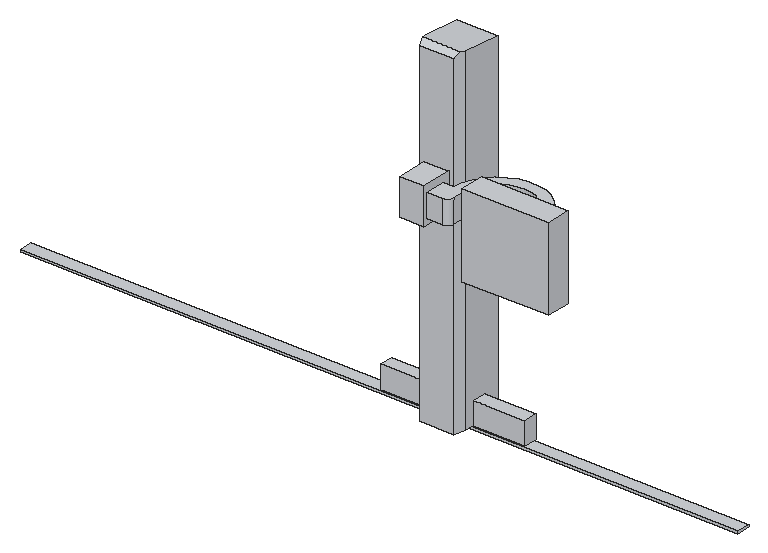
Revit family "Sample_Family_Five", category Specialty Equipment, Revit 2022
Family settings
  Round Connector Dimension = Use Diameter
  Part Type = Normal
  OmniClass Number = 23.40.70.11.14.11
  OmniClass Title = Medical Equipment
  Work Plane-Based = No
  Always vertical = Yes
  Cut with Voids When Loaded = No
  Maintain Annotation Orientation = No
  Shared = No
  Room Calculation Point = No
Parameters (values of type "MMMI-283")
  WIDTH_BVN = 0 mm
  UniqueID = "5716"
  Socket_Offset [instance] = 71.623 mm
  Responsibility = "AR"
  Mounting_Height_Socket [instance] = 600 mm
  ModifiedIssue = ""
  Model = "Siemens Ysio Max"
  MOUNTING_HEIGHT_US_BVN = 0 mm
  MOUNTING_HEIGHT_TOP_BVN = 0 mm
  MOUNTING_HEIGHT_CENTRE_BVN = 0 mm
  Keynote = "MMMI-283"
  ItemGroup = "2"
  ItemDescription = "IMG: bucky, chest"
  ItemCode = "MMMI-283"
  HEIGHT_BVN = 2380 mm
  Floor Rail Length_Right [instance] = 1988 mm
  Floor Rail Length_Left [instance] = 2992 mm
  DetailedCategory = ""
  Description = ""
  Default Elevation = 0 mm
  DEPTH_BVN = 0 mm
  Copyright = "BVN"  # constant formula
  Author = "BVN"  # constant formula
  Assembly Code = "MMMI-283"
Reference planes
  plane 1 "Center (Front/Back)": y = 0
  plane 2: z = 0
  plane 3 "Center (Left/Right)": x = 0
  plane 4: y = 171.802
  plane 5: z = 2380
  plane 6: y = -518.198
  plane 7 "Top of Floor Rail": z = 16
  plane 8: z = 175
  plane 9: x = -500
  plane 10: x = 500
  plane 11 "Centreline Floor Rail": y = -8.198
  plane 12 "Wall": y = 221.802
  plane 13: y = 50.802
  plane 14: y = -39.198
  plane 15 "Floor Rail 2": y = -53.198
  plane 16 "Floor Rail 1": y = 36.802
  plane 17: x = -2992
  plane 18: x = 1988
  plane 19: x = 745
  plane 20: x = 1045
  plane 21: x = 445
  plane 22: y = -350.198
  plane 23: y = -183.198
  plane 24: z = 1230
  plane 25: z = 1805
  plane 26: y = -398.198
  plane 27: x = -85
  plane 28: x = 85
  plane 29: z = 1517.5
  plane 30: z = 1642.5
  plane 31: z = 1392.5
  plane 32: z = 1597.5
  plane 33: z = 1437.5
  plane 34 "bucky_foldedOut_end": y = -1393.198
  plane 35 "bucky_foldedOut_end_2": y = -793.198
  plane 36 "bucky_foldedOut_end_3": y = -683.198
  plane 37 "bucky_foldedOut_end_4": x = -2842
  plane 38 "bucky_foldedOut_end_5": x = -2732
  plane 39: x = -2902
Forms (mm)
  Revolve 1, solid
    sketch origin (0, 0, 0) x (0, 1, 0) y (0, 0, 1)
      loop
        line (-61.109, 1642.94) -> (-61.109, 1759.681) -> (-85.689, 1759.681) -> (-85.689, 1642.94) -> (-61.109, 1642.94)
      axis (-85.689, 1759.681) -> (-85.689, 1642.94)
    angle from 0 to 360
  Extrusion 2, solid
    sketch origin (0, 0, 0) x (0, 1, 0) y (0, 0, 1)
      loop
        line (-350.198, 1230) -> (-350.198, 1805) -> (-518.198, 1805) -> (-518.198, 1230) -> (-350.198, 1230)
    from 445 to 1045
  Extrusion 3, solid
    sketch origin (0, 0, 0) x (1, 0, 0) y (0, 1, 0)
      loop
        line (-140.183, 171.802) -> (-140.183, -104.778) -> (-118.999, -183.198) -> (118.656, -183.198) -> (139.782, -103.691) -> (139.782, 171.802) -> (-140.183, 171.802)
    from 16 to 2380
  Extrusion 4, void
    sketch origin (0, 0, 0) x (0, 1, 0) y (0, 0, 1)
      loop
        line (-183.198, 2350.829) -> (-134.58, 2380) -> (171.802, 2345.658) -> (171.802, 2409.402) -> (-183.198, 2409.402) -> (-183.198, 2350.829)
    from -233.326 to 250
  Extrusion 5, void
    sketch origin (0, 0, 0) x (1, 0, 0) y (0, 0, 1)
      loop
        line (69.549, 20) -> (69.549, 2355) -> (-69.549, 2355) -> (-69.549, 20) -> (69.549, 20)
    from 96.584 to 100.424
  Extrusion 6, solid
    sketch origin (0, 0, 0) x (1, 0, 0) y (0, 1, 0)
      loop
        line (-500, 50.802) -> (-500, -39.198) -> (500, -39.198) -> (500, 50.802) -> (-500, 50.802)
    from 16 to 175
  Extrusion 7, solid
    sketch origin (0, 0, 0) x (1, 0, 0) y (0, 1, 0)
      loop
        line (-2992, 36.802) -> (-2992, -53.198) -> (1988, -53.198) -> (1988, 36.802) -> (-2992, 36.802)
    from 0 to 16
  Extrusion 8, solid
    sketch origin (0, 0, 0) x (1, 0, 0) y (0, 1, 0)
      loop
        line (-85, -183.198) -> (-85, -398.198) -> (85, -398.198) -> (85, -183.198) -> (-85, -183.198)
    from 1392.5 to 1642.5
  Extrusion 9, solid
    sketch origin (0, 0, 0) x (1, 0, 0) y (0, 1, 0)
      loop
        arc (245, -250.198) -> (475, -20.198) -> (705, -250.198) r 230
        line (705, -250.198) -> (705, -350.198) -> (785, -350.198) -> (785, -250.198)
        arc (785, -250.198) -> (480.001, 59.762) -> (165.161, -240.198) r 310
        line (165.161, -240.198) -> (85, -240.198) -> (85, -380.198) -> (200, -380.198)
        arc (200, -380.198) -> (231.82, -367.017) -> (245, -335.198) r 45
        line (245, -335.198) -> (245, -250.198)
    from 1437.5 to 1597.5
Cuts and joins
  Extrusion 4, Extrusion 5 cuts Extrusion 3
Lines and regions (mm)
  reference lines
    curve 1: line (0, -108.458, 1274.274) -> (0, -108.458, 1249.161)
    curve 2: line (0, -108.458, 1759.681) -> (0, -108.458, 1734.673)
    curve 3: arc (0, -108.458, 1747.177) -> (0, 78.976, 1504.447) -> (0, -108.458, 1261.718) r 250.886
  symbolic lines, style "Clinical Equipment"
    curve 4: line (-2992, -53.198, 0) -> (-2992, -1393.198, 0)
    curve 5: line (-2992, -1393.198, 0) -> (-2732, -1393.198, 0)
    curve 6: line (-2732, -1393.198, 0) -> (-2732, -793.198, 0)
    curve 7: line (-2732, -793.198, 0) -> (-2842, -793.198, 0)
    curve 8: line (-2842, -683.198, 0) -> (-2842, -53.198, 0)
    curve 9: line (-2842, -53.198, 0) -> (-2992, -53.198, 0)
    curve 10: line (-2842, -683.198, 0) -> (-2902, -683.198, 0)
    curve 11: line (-2902, -683.198, 0) -> (-2902, -793.198, 0)
    curve 12: line (-2902, -793.198, 0) -> (-2842, -793.198, 0)
Dimensions and locks
  "HEIGHT_BVN": plane 5 to plane 2
  plane 4 to plane 6 = 690 mm
  locked: plane 7 "Top of Floor Rail" to plane 2 at 16
  locked: plane 8 to plane 7 "Top of Floor Rail" at 159
  plane 10 to plane 3 "Center (Left/Right)" to plane 9 = 500 mm locked, 500 mm locked
  locked: plane 12 "Wall" to plane 11 "Centreline Floor Rail" at 230
  locked: plane 12 "Wall" to plane 4 at 50
  locked: plane 12 "Wall" to plane 13 at 171
  locked: plane 13 to plane 14 at 90
  plane 16 "Floor Rail 1" to plane 11 "Centreline Floor Rail" to plane 15 "Floor Rail 2" = 45 mm locked, 45 mm locked
  "Floor Rail Length_Left": plane 17 to plane 3 "Center (Left/Right)"
  "Floor Rail Length_Right": plane 3 "Center (Left/Right)" to plane 18
  locked: plane 3 "Center (Left/Right)" to plane 19 at 745
  plane 21 to plane 19 to plane 20 = 300 mm locked, 300 mm locked
  locked: plane 22 to plane 6 at 168
  plane 12 "Wall" to plane 23 = 405 mm
  plane 24 to level = 1230 mm
  plane 25 to plane 24 = 575 mm
  plane 23 to plane 26 = 215 mm
  locked: plane 3 "Center (Left/Right)" to plane 28 at 85
  locked: plane 27 to plane 3 "Center (Left/Right)" at 85
  plane 29 to plane 33 = 80 mm
  plane 32 to plane 29 = 80 mm
  locked: plane 15 "Floor Rail 2" to plane 34 "bucky_foldedOut_end" at 1340
  locked: plane 35 "bucky_foldedOut_end_2" to plane 34 "bucky_foldedOut_end" at 600
  plane 17 to plane 37 "bucky_foldedOut_end_4" = 150 mm
  plane 17 to plane 38 "bucky_foldedOut_end_5" = 260 mm
  locked: plane 17 to plane 39 at 90
  aligned and locked: plane 5 to Extrusion 3
  aligned and locked: plane 13 to Extrusion 6
  aligned and locked: plane 17 to Extrusion 7 sketch curve
  aligned and locked: Extrusion 7 sketch curve to plane 16 "Floor Rail 1"
  aligned and locked: plane 15 "Floor Rail 2" to Extrusion 7 sketch curve
  aligned and locked: Extrusion 7 sketch curve to plane 18
  aligned and locked: plane 7 "Top of Floor Rail" to Extrusion 7
  aligned and locked: cut or joined group of Extrusion 3, Extrusion 4, Extrusion 5 to plane 7 "Top of Floor Rail"
  aligned and locked: plane 4 to cut or joined group of Extrusion 3, Extrusion 4, Extrusion 5  (x2)
  aligned and locked: cut or joined group of Extrusion 3, Extrusion 4, Extrusion 5 to plane 23  (x2)
  aligned and locked: Extrusion 2 to plane 24
  aligned and locked: plane 26 to Extrusion 8 sketch curve
  aligned and locked: plane 27 to Extrusion 8 sketch curve
  aligned and locked: Extrusion 8 sketch curve to plane 23
  aligned and locked: Extrusion 8 sketch curve to plane 28
  aligned and locked: Extrusion 8 to plane 30
  aligned and locked: plane 31 to Extrusion 8
  aligned and locked: plane 32 to Extrusion 9
  aligned and locked: Extrusion 9 to plane 33
  aligned and locked: plane 15 "Floor Rail 2" to curve 9
  aligned and locked: curve 11 to plane 39
  aligned and locked: plane 35 "bucky_foldedOut_end_2" to curve 7
  aligned and locked: plane 36 "bucky_foldedOut_end_3" to curve 10
  aligned and locked: plane 37 "bucky_foldedOut_end_4" to curve 8
  aligned and locked: plane 38 "bucky_foldedOut_end_5" to curve 6
  aligned and locked: curve 5 to plane 34 "bucky_foldedOut_end"
  aligned and locked: curve 4 to plane 17
Automatic sketch dimensions
  plane 1 "Center (Front/Back)" to curve 3 = 171.91 mm
  level to curve 3 = 1504.447 mm
  plane 1 "Center (Front/Back)" to curve 2 = 108.458 mm
  plane 1 "Center (Front/Back)" to curve 1 = 108.458 mm
  curve 1 to curve 3 = 230.173 mm
  curve 3 to curve 1 = 12.557 mm
  curve 1 to curve 3 = 12.557 mm
  curve 2 to curve 3 = 12.504 mm
  curve 3 to curve 2 = 12.504 mm
  plane 1 "Center (Front/Back)" to Revolve 1 sketch curve = 85.689 mm
  Revolve 1 sketch curve to Revolve 1 sketch curve = 24.58 mm
  level to Revolve 1 sketch curve = 1642.94 mm
  Revolve 1 sketch curve to Revolve 1 sketch curve = 116.741 mm
  Revolve 1 sketch curve to Revolve 1 sketch curve = 0 mm  (x2)
  Revolve 1 sketch curve to Revolve 1 sketch curve = 33.259 mm
  plane 1 "Center (Front/Back)" to Extrusion 2 sketch curve = 518.198 mm
  Extrusion 2 sketch curve to Extrusion 2 sketch curve = 168 mm
  level to Extrusion 2 sketch curve = 1230 mm
  Extrusion 2 sketch curve to Extrusion 2 sketch curve = 575 mm
  Extrusion 3 sketch curve to plane 3 "Center (Left/Right)" = 140.183 mm
  Extrusion 3 sketch curve to Extrusion 3 sketch curve = 21.184 mm
  plane 3 "Center (Left/Right)" to Extrusion 3 sketch curve = 118.656 mm
  plane 1 "Center (Front/Back)" to Extrusion 3 sketch curve = 183.198 mm
  Extrusion 3 sketch curve to Extrusion 3 sketch curve = 79.506 mm
  Extrusion 3 sketch curve to Extrusion 3 sketch curve = 78.419 mm
  Extrusion 3 sketch curve to Extrusion 3 sketch curve = 21.127 mm
  Extrusion 3 sketch curve to plane 4 = 0 mm
  plane 5 to Extrusion 4 sketch curve = 0 mm
  Extrusion 4 sketch curve to plane 5 = 29.171 mm
  plane 1 "Center (Front/Back)" to Extrusion 4 sketch curve = 183.198 mm
  Extrusion 4 sketch curve to Extrusion 4 sketch curve = 48.618 mm
  plane 5 to Extrusion 4 sketch curve = 29.402 mm
  Extrusion 4 sketch curve to plane 5 = 34.342 mm
  Extrusion 4 sketch curve to plane 4 = 0 mm
  level to Extrusion 5 sketch curve = 20 mm
  Extrusion 5 sketch curve to plane 3 "Center (Left/Right)" = 69.549 mm
  Extrusion 5 sketch curve to plane 5 = 25 mm
  plane 3 "Center (Left/Right)" to Extrusion 5 sketch curve = 69.549 mm
  Extrusion 6 sketch curve to plane 14 = 0 mm
  Extrusion 6 sketch curve to plane 13 = 0 mm
  Extrusion 6 sketch curve to plane 10 = 0 mm
  Extrusion 6 sketch curve to plane 9 = 0 mm
  Extrusion 9 sketch curve to Extrusion 9 sketch curve = 0 mm  (x2)
  Extrusion 9 sketch curve to plane 28 = 0 mm
  Extrusion 9 sketch curve to plane 22 = 0 mm
  Extrusion 9 sketch curve to Extrusion 9 sketch curve = 80.161 mm
  plane 26 to Extrusion 9 sketch curve = 18 mm
  plane 28 to Extrusion 9 sketch curve = 115 mm
  Extrusion 9 sketch curve to Extrusion 9 sketch curve = 79.839 mm
  Extrusion 9 sketch curve to plane 10 = 25 mm
  Extrusion 9 sketch curve to Extrusion 9 sketch curve = 80 mm
  Extrusion 9 sketch curve to plane 23 = 67 mm
  curve 12 to plane 37 "bucky_foldedOut_end_4" = 0 mm
